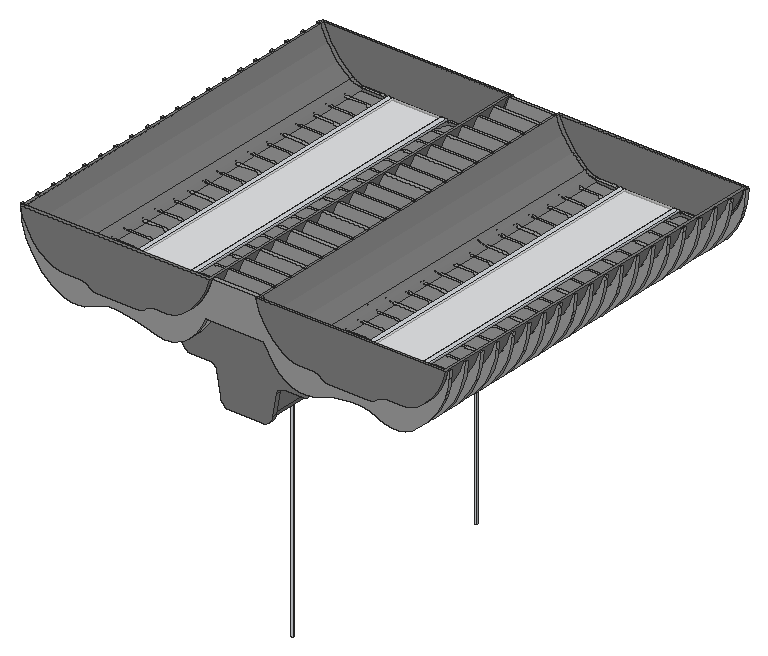
Revit family "0039267 Feilo Sylvania Lighting Fixtures SYLBAY LED 4000K 13KLM AISLE DALI", category Lighting Fixtures, host Face, Revit 2017 (continued)
Definition of nested family "SylbayBody"
  Definition of nested family "SlybayRib"
    Dimensions and locks
      locked: plane 3 "Center (Left/Right)" to Extrusion 2 sketch curve at 83.982  (x2)
      locked: plane 3 "Center (Left/Right)" to Extrusion 2 sketch curve at 79.005  (x2)
      locked: plane 3 "Center (Left/Right)" to Extrusion 2 sketch curve at 119.907  (x2)
      locked: plane 3 "Center (Left/Right)" to Extrusion 2 sketch curve at 61.405  (x2)
      locked: plane 3 "Center (Left/Right)" to Extrusion 2 sketch curve at 138.973  (x2)
      locked: plane 3 "Center (Left/Right)" to Extrusion 2 sketch curve at 84.583  (x2)
      locked: plane 3 "Center (Left/Right)" to Extrusion 2 sketch curve at 117.917  (x2)
      locked: plane 3 "Center (Left/Right)" to Extrusion 2 sketch curve at 132.583  (x2)
      locked: plane 3 "Center (Left/Right)" to Extrusion 2 sketch curve at 69.917  (x2)
      locked: Extrusion 2 sketch curve to plane 6 at 21.825  (x2)
      locked: Extrusion 2 sketch curve to plane 6 at 0.822  (x2)
      locked: plane 6 to Extrusion 2 sketch curve at 10.994  (x2)
      locked: plane 6 to Extrusion 2 sketch curve at 15.285  (x2)
      locked: plane 6 to Extrusion 2 sketch curve at 31.076  (x2)
      locked: plane 6 to Extrusion 2 sketch curve at 33.728  (x4)
      locked: plane 6 to Extrusion 2 sketch curve at 29.917  (x2)
      locked: plane 6 to Extrusion 2 sketch curve at 47.728  (x4)
      locked: plane 6 to Extrusion 2 sketch curve at 100.413  (x2)
      locked: plane 6 to Extrusion 2 sketch curve at 141.419  (x2)
      locked: plane 3 "Center (Left/Right)" to Extrusion 2 sketch curve at 106.788  (x2)
      locked: plane 3 "Center (Left/Right)" to Extrusion 2 sketch curve at 104.198  (x2)
      locked: plane 3 "Center (Left/Right)" to Extrusion 2 sketch curve at 130.69  (x2)
      locked: Extrusion 2 sketch curve to plane 6 at 14.858  (x2)
      locked: plane 6 to Extrusion 2 sketch curve at 10.032  (x2)
      locked: plane 3 "Center (Left/Right)" to Extrusion 2 sketch curve at 145.75  (x2)
      aligned and locked: plane 2 to Extrusion 1
      aligned and locked: level to Extrusion 1
      aligned and locked: plane 6 to Extrusion 2 sketch curve
      aligned and locked: plane 4 to Extrusion 2 sketch curve
      aligned and locked: plane 17 to Extrusion 2 sketch curve
      aligned and locked: plane 14 to Extrusion 2 sketch curve
      aligned and locked: Extrusion 2 sketch curve to plane 17
      aligned and locked: plane 8 to Extrusion 2 sketch curve  (x3)
      aligned and locked: plane 2 to plane 6
      aligned and locked: plane 20 to Extrusion 2 sketch curve
      aligned and locked: plane 11 to Extrusion 2 sketch curve  (x2)
      aligned and locked: plane 12 to Extrusion 2 sketch curve
      aligned and locked: Extrusion 2 sketch curve to plane 6
      aligned and locked: Extrusion 2 sketch curve to level
      aligned and locked: Extrusion 2 sketch curve to plane 11
    Automatic sketch dimensions
      Extrusion 1 sketch curve to Extrusion 1 sketch curve = 2438.4 mm  (x2)
      Extrusion 2 sketch curve to plane 11 = 0 mm  (x6)
      Extrusion 2 sketch curve to plane 8 = 0 mm  (x7)
      Extrusion 2 sketch curve to plane 17 = 0 mm
      Extrusion 2 sketch curve to plane 5 = 0 mm
      Extrusion 2 sketch curve to plane 14 = 0 mm
      Extrusion 2 sketch curve to plane 17 = 2 mm  (x3)
      Extrusion 2 sketch curve to plane 15 = 1.167 mm
      plane 14 to Extrusion 2 sketch curve = 2 mm  (x3)
      Extrusion 2 sketch curve to plane 19 = 1.167 mm
Definition of nested family "SlybayRib"
  Parameters (values of type "SylbayRib")
    URL = "http://www.feilosylvania.com"
    Type Image = (empty or 0)
    Type Comments = "n/a"
    RibThickness_FEILO = 2.5 mm
    RibExtrusionStart_FEILO = RibThickness_FEILO / 2  # 1.25 mm
    RibExtrusionEnd_FEILO = -RibThickness_FEILO / 2  # -1.25 mm
    RibDistance_FEILO = 0 mm
    Model = ""
    Manufacturer = "Feilo Sylvania"
    Keynote = ""
    Description = "n/a"
    Default Elevation = 1219.2 mm
    Cost = 0
    BodyMaterial = none
    Assembly Code = ""
  Reference planes
    plane 1 "Center (Front/Back)": y = 0
    plane 2: z = 0
    plane 3 "Center (Left/Right)": x = 0
    plane 4: x = -187.5
    plane 5: x = 187.5
    plane 6: z = 0
    plane 7: z = -62.478
    plane 8: z = -53.728
    plane 9: x = -102.75
    plane 10: x = 102.75
    plane 11: z = -33.728
    plane 12: x = -185.5
    plane 13: x = -20
    plane 14: z = -43.728
    plane 15: x = -122.75
    plane 16: x = -82.75
    plane 17: z = -37.728
    plane 18: x = -130.75
    plane 19: x = -74.75
    plane 20: x = -145.75
    plane 21: x = -59.75
    plane 22: x = -25.3
  Forms (mm)
    Extrusion 1, solid
      sketch origin (4.2, 0, 0) x (1, 0, 0) y (0, 1, 0)
        loop
          line (-1219.2, 1219.2) -> (-1219.2, -1219.2) -> (1219.2, -1219.2) -> (1219.2, 1219.2) -> (-1219.2, 1219.2)
      from 0 to -304.8
    Extrusion 2, solid, material <- "BodyMaterial"
      sketch origin (0, 0, 0) x (1, 0, 0) y (0, 0, 1)
        loop
          arc (-187.5, 0) -> (-180.003, -30.129) -> (-159.829, -53.728) r 67.598
          arc (-159.829, -53.728) -> (-143.258, -61.567) -> (-125.169, -58.599) r 30.791
          arc (-125.169, -58.599) -> (-113.533, -54.576) -> (-101.25, -53.728) r 46.777
          arc (-101.25, -53.728) -> (-87.202, -55.765) -> (-73.664, -60.037) r 87.865
          arc (-73.664, -60.037) -> (-55.541, -61.903) -> (-39.258, -53.728) r 32.519
          arc (-39.258, -53.728) -> (-31.199, -44.469) -> (-25.254, -33.728) r 58.361
          line (-25.254, -33.728) -> (25.254, -33.728)
          arc (25.254, -33.728) -> (31.199, -44.469) -> (39.258, -53.728) r 58.361
          arc (39.258, -53.728) -> (55.541, -61.903) -> (73.664, -60.037) r 32.519
          arc (73.664, -60.037) -> (87.202, -55.765) -> (101.25, -53.728) r 87.865
          arc (101.25, -53.728) -> (113.533, -54.576) -> (125.169, -58.599) r 46.777
          arc (125.169, -58.599) -> (143.258, -61.567) -> (159.829, -53.728) r 30.791
          arc (159.829, -53.728) -> (180.003, -30.129) -> (187.5, 0) r 67.598
          line (187.5, 0) -> (185.5, 0)
          arc (185.5, 0) -> (176.046, -19.314) -> (160.088, -33.728) r 56.788
          arc (160.088, -33.728) -> (153.193, -36.71) -> (145.75, -37.728) r 27.697
          line (145.75, -37.728) -> (132.583, -37.728)
          arc (132.583, -37.728) -> (129.421, -38.242) -> (126.583, -39.728) r 10
          line (126.583, -39.728) -> (123.917, -41.728)
          arc (123.917, -41.728) -> (121.079, -43.215) -> (117.917, -43.728) r 10
          line (117.917, -43.728) -> (84.583, -43.728)
          arc (84.583, -43.728) -> (81.421, -43.215) -> (78.583, -41.728) r 10
          line (78.583, -41.728) -> (75.917, -39.728)
          arc (75.917, -39.728) -> (73.079, -38.242) -> (69.917, -37.728) r 10
          line (69.917, -37.728) -> (58.25, -37.728)
          arc (58.25, -37.728) -> (51.55, -36.705) -> (45.461, -33.728) r 22.443
          arc (45.461, -33.728) -> (30.027, -18.905) -> (20, 0) r 67.602
          line (20, 0) -> (-20, 0)
          arc (-20, 0) -> (-30.027, -18.905) -> (-45.461, -33.728) r 67.602
          arc (-45.461, -33.728) -> (-51.55, -36.705) -> (-58.25, -37.728) r 22.443
          line (-58.25, -37.728) -> (-69.917, -37.728)
          arc (-69.917, -37.728) -> (-73.079, -38.242) -> (-75.917, -39.728) r 10
          line (-75.917, -39.728) -> (-78.583, -41.728)
          arc (-78.583, -41.728) -> (-81.421, -43.215) -> (-84.583, -43.728) r 10
          line (-84.583, -43.728) -> (-117.917, -43.728)
          arc (-117.917, -43.728) -> (-121.079, -43.215) -> (-123.917, -41.728) r 10
          line (-123.917, -41.728) -> (-126.583, -39.728)
          arc (-126.583, -39.728) -> (-129.421, -38.242) -> (-132.583, -37.728) r 10
          line (-132.583, -37.728) -> (-145.75, -37.728)
          arc (-145.75, -37.728) -> (-153.193, -36.71) -> (-160.088, -33.728) r 27.697
          arc (-160.088, -33.728) -> (-176.046, -19.314) -> (-185.5, 0) r 56.788
          line (-185.5, 0) -> (-187.5, 0)
      from 1.25 <- "RibExtrusionStart_FEILO" to -1.25 <- "RibExtrusionEnd_FEILO"
  Dimensions and locks
    equal spacing: plane 5, plane 3 "Center (Left/Right)", plane 4
    locked: plane 5 to plane 4 at 375
    locked: plane 6 to plane 7 at 62.478
    locked: plane 6 to plane 8 at 53.728
    equal spacing: plane 10, plane 3 "Center (Left/Right)", plane 9
    plane 3 "Center (Left/Right)" to plane 9 = 102.75 mm
    locked: plane 6 to plane 11 at 33.728
    equal spacing: plane 13, plane 9, plane 12
    locked: plane 14 to plane 8 at 10
    equal spacing: plane 16, plane 9, plane 15
    locked: plane 9 to plane 15 at 20
    locked: plane 17 to plane 14 at 6
    equal spacing: plane 19, plane 9, plane 18
    locked: plane 15 to plane 18 at 8
    equal spacing: plane 21, plane 9, plane 20
    locked: plane 18 to plane 20 at 15
    locked: plane 13 to plane 22 at 5.3
    locked: plane 3 "Center (Left/Right)" to Extrusion 2 sketch curve at 83.982  (x2)
    locked: plane 3 "Center (Left/Right)" to Extrusion 2 sketch curve at 79.005  (x2)
    locked: plane 3 "Center (Left/Right)" to Extrusion 2 sketch curve at 119.907  (x2)
    locked: plane 3 "Center (Left/Right)" to Extrusion 2 sketch curve at 61.405  (x2)
    locked: plane 3 "Center (Left/Right)" to Extrusion 2 sketch curve at 138.973  (x2)
    locked: plane 3 "Center (Left/Right)" to Extrusion 2 sketch curve at 84.583  (x2)
    locked: plane 3 "Center (Left/Right)" to Extrusion 2 sketch curve at 117.917  (x2)
    locked: plane 3 "Center (Left/Right)" to Extrusion 2 sketch curve at 132.583  (x2)
    locked: plane 3 "Center (Left/Right)" to Extrusion 2 sketch curve at 69.917  (x2)
    locked: Extrusion 2 sketch curve to plane 6 at 21.825  (x2)
    locked: Extrusion 2 sketch curve to plane 6 at 0.822  (x2)
    locked: plane 6 to Extrusion 2 sketch curve at 10.994  (x2)
    locked: plane 6 to Extrusion 2 sketch curve at 15.285  (x2)
    locked: plane 6 to Extrusion 2 sketch curve at 31.076  (x2)
    locked: plane 6 to Extrusion 2 sketch curve at 33.728  (x4)
    locked: plane 6 to Extrusion 2 sketch curve at 29.917  (x2)
    locked: plane 6 to Extrusion 2 sketch curve at 47.728  (x4)
    locked: plane 6 to Extrusion 2 sketch curve at 100.413  (x2)
    locked: plane 6 to Extrusion 2 sketch curve at 141.419  (x2)
    locked: plane 3 "Center (Left/Right)" to Extrusion 2 sketch curve at 106.788  (x2)
    locked: plane 3 "Center (Left/Right)" to Extrusion 2 sketch curve at 104.198  (x2)
    locked: plane 3 "Center (Left/Right)" to Extrusion 2 sketch curve at 130.69  (x2)
    locked: Extrusion 2 sketch curve to plane 6 at 14.858  (x2)
    locked: plane 6 to Extrusion 2 sketch curve at 10.032  (x2)
    locked: plane 3 "Center (Left/Right)" to Extrusion 2 sketch curve at 145.75  (x2)
    aligned and locked: plane 2 to Extrusion 1
    aligned and locked: level to Extrusion 1
    aligned and locked: plane 6 to Extrusion 2 sketch curve
    aligned and locked: plane 4 to Extrusion 2 sketch curve
    aligned and locked: plane 17 to Extrusion 2 sketch curve
    aligned and locked: plane 14 to Extrusion 2 sketch curve
    aligned and locked: Extrusion 2 sketch curve to plane 17
    aligned and locked: plane 8 to Extrusion 2 sketch curve  (x3)
    aligned and locked: plane 2 to plane 6
    aligned and locked: plane 20 to Extrusion 2 sketch curve
    aligned and locked: plane 11 to Extrusion 2 sketch curve  (x2)
    aligned and locked: plane 12 to Extrusion 2 sketch curve
    aligned and locked: Extrusion 2 sketch curve to plane 6
    aligned and locked: Extrusion 2 sketch curve to level
    aligned and locked: Extrusion 2 sketch curve to plane 11
  Automatic sketch dimensions
    Extrusion 1 sketch curve to Extrusion 1 sketch curve = 2438.4 mm  (x2)
    Extrusion 2 sketch curve to plane 11 = 0 mm  (x6)
    Extrusion 2 sketch curve to plane 8 = 0 mm  (x7)
    Extrusion 2 sketch curve to plane 17 = 0 mm
    Extrusion 2 sketch curve to plane 5 = 0 mm
    Extrusion 2 sketch curve to plane 14 = 0 mm
    Extrusion 2 sketch curve to plane 17 = 2 mm  (x3)
    Extrusion 2 sketch curve to plane 15 = 1.167 mm
    plane 14 to Extrusion 2 sketch curve = 2 mm  (x3)
    Extrusion 2 sketch curve to plane 19 = 1.167 mm
